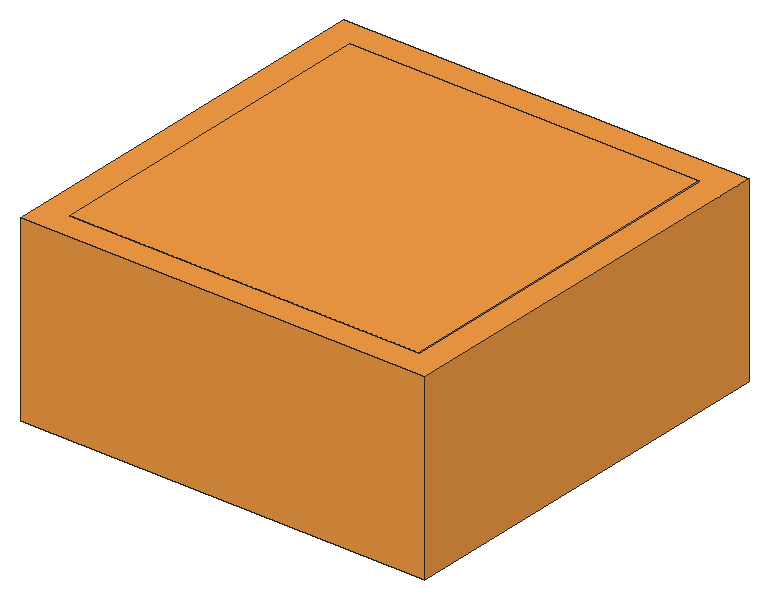
Revit family "Detector termovelocimetrico_Aguilera Electronica", category Dispositivos de alarma de incendios, Revit 2017
Family settings
  Anfitrión = Cara
  Mantener orientación de anotación = Sí
  Cota de conector redondo = Diámetro de uso
  Tipo de pieza = Normal
  Número OmniClass = 23.85.30.21.11.11.11
  Título OmniClass = Smoke Detectors
  Corte con vacíos al cargar = No
  Compartido = No
  Punto de cálculo de habitación = No
Parameters (values of type "Detector termovelocimétrico con suplemento para superficie")
  Zona de acción 80 m2 = yes
  Zona de acción 60 m2 = yes
  Símbolo = yes
  Suplemento para superficie = yes
  Símbolo texto modelo = yes
  Radio = Diámetro / 2  # 49.5 mm
  Altura 3 = 8 mm  # constant formula
  Altura 2 = 30 mm
  URL = "https://aguilera.es/?productos=detector-termovelocimetrico"
  Modelo = "AE/C5-TV + AE/C5-ZA"
  Fabricante = "Aguilera Electrónica"  # constant formula
  Elevación por defecto = 1200 mm
  Diámetro = 99 mm  # constant formula
  Descripción = "Detector de temperatura que controla los parámetros de temperatura en dos niveles: • Diferencial: Entra en estado de alarma cuando un incremento brusco de temperatura sobrepasa los parámetros que tiene programados en un determinado periodo de tiempo. • Térmica: Entra en estado de alarma cuando un incremento lento de temperatura, queno ha sido detectado por el sistema diferencial, alcanza una temperatura prefijada. Cada detector dispone de 2 indicadores luminosos (LED) que indican de manera visiblesu estado de funcionamiento en reposo y alarma. Además puede ser conectado unindicador remoto conectándolo a la base del detector. Una vez activado el detector, la alarma se queda enclavada, siendo necesario hacer un corte momentáneo de la alimentación para poder restaurarlo. Fabricado según norma EN 54-5:2000. Respuesta térmica Clase A2R. Los detectores térmicos están diseñados especialmente para aquellos lugares en los que el incendio se inicia con elevacionesbruscas de temperatura o donde no se recomiendan los detectores de humo por existir gases de combustión en el ambiente."  # constant formula
  Comentarios de tipo = "Detector térmico de calor (clase A2R). Certificados LPCB según norma EN 54-5.\r\n\r\nDetectores de bajo perfil con diseño atractivo.\r\n\r\nFabricados con tecnología SMD, disponen de doble indicador luminoso, salida de alarma remota y misma base intercambiable de fácil conexión.\r\n\r\nZócalo y protector de polvo incluidos.\r\n\r\n    Conexión a 2 hilos.\r\n    Alimentación entre 15 y 35 Vcc.\r\n    Consumo: 35 ?A (reposo), 80 mA (alarma).\r\n    Medidas: Ø 99 mm, altura con base incluida: 46 mm."  # constant formula
  Altura 1 = 38 mm  # constant formula
Types (5, lengths in mm): name | Suplemento para superficie | Altura 2 | Modelo
  (no name) | yes | 30 | "AE/C5-TV + AE/C5-ZA"
  Detector termovelocimétrico | no | 1 | "AE/C5-TV"
  Detector termovelocimétrico con suplemento para superficie | yes | 30 | "AE/C5-TV + AE/C5-ZA"
  Detector termovelocimétrico con zócalo bajo | no | 10 | "AE/C5-TV + AE/ZCB"
  Detector termovelocimétrico con zócalo alto | no | 22 | "AE/C5-TV + AE/ZCA"
Reference planes
  plane 1 "Centro (Frontal/Posterior)": y = 0
  plane 2: z = 0
  plane 3 "Centro (Izquierda/Derecha)": x = 0
  plane 4: z = 76
  plane 5: z = 68
  plane 6: z = 30
Forms (mm)
  Extrusion 1, solid
    sketch origin (0, 0, 0) x (1, 0, 0) y (0, 1, 0)
      loop
        line (-1219.2, 1219.2) -> (-1219.2, -1219.2) -> (1219.2, -1219.2) -> (1219.2, 1219.2) -> (-1219.2, 1219.2)
    from 0 to -304.8
  Extrusion 2, solid, material "Carcasa ABS", detail levels fine
    sketch origin (0, 0, 0) x (1, 0, 0) y (0, 1, 0)
      loop
        circle (0, 0) r 18.837
    from 74.409 to 76
  Extrusion 3, solid, material "Carcasa ABS", detail levels fine
    sketch origin (4.277, 0, 83.026) x (1, 0, 0) y (0, 0, -1)
      loop
        line (-19.852, 15.026) -> (-27.226, 15.026)
        arc (-27.226, 15.026) -> (-24.259, 12.003) -> (-21.715, 8.616) r 32.144
        line (-21.715, 8.616) -> (-19.852, 8.616) -> (-19.852, 15.026)
    from -2.054 to 1.982
  Revolve 4, solid, material "Carcasa ABS"
    sketch origin (0, 0, 0) x (0, 1, 0) y (0, 0, 1)
      loop
        line (-49.5, 30) -> (-49.5, 0) -> (0, 0) -> (0, 30) -> (-49.5, 30)
      axis (0, 30) -> (0, 0)
    angle from 0 to 360
  Extrusion 5, solid, material "Carcasa ABS", visible <- "Suplemento para superficie", detail levels medium+fine
    sketch origin (0, 0, 28.069) x (0, 1, 0) y (0, 0, 1)
      loop
        circle (0, -13.675) r 10
    from 46.956 to 49.451
  Extrusion 6, solid, material "Carcasa ABS", visible <- "Suplemento para superficie", detail levels medium+fine
    sketch origin (0, 0, 28.069) x (-1, 0, 0) y (0, 0, 1)
      loop
        circle (0, -13.675) r 10
    from 46.733 to 49.566
  Extrusion 7, solid, material "Carcasa ABS", visible <- "Suplemento para superficie", detail levels medium+fine
    sketch origin (0, 0, 28.069) x (0, 1, 0) y (0, 0, -1)
      loop
        circle (0, 13.675) r 10
    from 47.25 to 49.524
  Extrusion 8, solid, material "Carcasa ABS", detail levels fine
    sketch origin (-4.277, 0, 83.026) x (-1, 0, 0) y (0, 0, 1)
      loop
        line (-19.852, -15.026) -> (-19.852, -8.616) -> (-21.662, -8.616)
        arc (-21.662, -8.616) -> (-24.19, -12.001) -> (-27.141, -15.026) r 32.171
        line (-27.141, -15.026) -> (-19.852, -15.026)
    from -2.054 to 1.982
  Extrusion 9, solid, material "Carcasa ABS", detail levels fine
    sketch origin (2.17, -3.722, 83.026) x (0.5, -0.866025, 0) y (0, 0, -1)
      loop
        line (-21.153, 15.026) -> (-28.442, 15.026)
        arc (-28.442, 15.026) -> (-25.491, 12.001) -> (-22.962, 8.616) r 32.171
        line (-22.962, 8.616) -> (-21.153, 8.616) -> (-21.153, 15.026)
    from -2.054 to 1.982
  Extrusion 10, solid, material "Carcasa ABS", detail levels fine
    sketch origin (-2.107, 3.686, 83.026) x (-0.5, 0.866025, 0) y (0, 0, 1)
      loop
        line (-21.586, -15.026) -> (-21.586, -8.616) -> (-23.396, -8.616)
        arc (-23.396, -8.616) -> (-25.925, -12.001) -> (-28.876, -15.026) r 32.171
        line (-28.876, -15.026) -> (-21.586, -15.026)
    from -2.054 to 1.982
  Extrusion 11, solid, material "Carcasa ABS", detail levels fine
    sketch origin (-2.107, -3.758, 83.026) x (-0.5, -0.866025, 0) y (0, 0, -1)
      loop
        line (-21.586, 15.026) -> (-28.876, 15.026)
        arc (-28.876, 15.026) -> (-25.925, 12.001) -> (-23.396, 8.616) r 32.171
        line (-23.396, 8.616) -> (-21.586, 8.616) -> (-21.586, 15.026)
    from -2.054 to 1.982
  Extrusion 12, solid, material "Carcasa ABS", detail levels fine
    sketch origin (2.17, 3.65, 83.026) x (0.5, 0.866025, 0) y (0, 0, 1)
      loop
        line (-21.586, -15.026) -> (-21.586, -8.616) -> (-23.396, -8.616)
        arc (-23.396, -8.616) -> (-25.925, -12.001) -> (-28.876, -15.026) r 32.171
        line (-28.876, -15.026) -> (-21.586, -15.026)
    from -2.054 to 1.982
  Revolve 13, solid, material "Carcasa ABS", detail levels medium+fine
    sketch origin (0, 0, 0) x (1, 0, 0) y (0, 0, 1)
      loop
        arc (-44.248, 68) -> (-47.962, 66.462) -> (-49.5, 62.748) r 5.252
        line (-49.5, 62.748) -> (-49.5, 30) -> (-18.204, 30) -> (-18.204, 68) -> (-44.248, 68)
      axis (0, 30) -> (0, 68)
    angle from 0 to 360
  Extrusion 14, solid, material "Zona de acción", visible <- "Zona de acción 80 m2"
    sketch origin (-3703.865, 3705, 0) x (1, 0, 0) y (0, 1, 0)
      loop
        line (-746.135, -8155) -> (8153.865, -8155) -> (8153.865, 745) -> (-746.135, 745) -> (-746.135, -8155)
    from 0 to 4000
  Extrusion 15, solid, material "Zona de acción", visible <- "Zona de acción 60 m2"
    sketch origin (-4303.865, 3105, 0) x (1, 0, 0) y (0, 1, 0)
      loop
        line (453.865, -6955) -> (8153.865, -6955) -> (8153.865, 745) -> (453.865, 745) -> (453.865, -6955)
    from 0 to 4000
Dimensions and locks
  locked: Extrusion 2 to Extrusion 2 at 1.591
  "Altura 2": plane 6 to Extrusion 1
  "Altura 1": plane 5 to plane 6
  "Altura 3": plane 4 to plane 5
  "Radio": Revolve 4 sketch curve to Revolve 4 sketch curve
  "Radio": plane 3 "Centro (Izquierda/Derecha)" to Revolve 13 sketch curve
  aligned and locked: plane 2 to Extrusion 1
  aligned and locked: level to Extrusion 1
  aligned and locked: plane 4 to Extrusion 2
  aligned and locked: Extrusion 1 to Revolve 4 sketch curve
  aligned and locked: plane 1 "Centro (Frontal/Posterior)" to Revolve 4 sketch curve  (x2)
  aligned and locked: Extrusion 3 to plane 5
  aligned and locked: Revolve 4 sketch curve to plane 6
  aligned and locked: Revolve 13 sketch curve to plane 3 "Centro (Izquierda/Derecha)"
  aligned and locked: plane 6 to Revolve 13 sketch curve
  aligned and locked: Revolve 13 sketch curve to plane 5
  aligned and locked: Extrusion 3 to Extrusion 2
  aligned and locked: Extrusion 12 to Extrusion 2
  aligned and locked: Extrusion 10 to Extrusion 2
  aligned and locked: Extrusion 8 to Extrusion 2
  aligned and locked: Extrusion 9 to Extrusion 2
  aligned and locked: Extrusion 11 to Extrusion 2
  aligned and locked: Extrusion 12 to plane 5
  aligned and locked: Extrusion 9 to plane 5
  aligned and locked: Extrusion 10 to plane 5
  aligned and locked: Extrusion 11 to plane 5
  aligned and locked: Extrusion 8 to plane 5
Automatic sketch dimensions
  Extrusion 1 sketch curve to Extrusion 1 sketch curve = 2438.4 mm  (x2)
  plane 1 "Centro (Frontal/Posterior)" to Extrusion 2 sketch curve = 0 mm
  Extrusion 2 sketch curve to plane 3 "Centro (Izquierda/Derecha)" = 0 mm
  Extrusion 3 sketch curve to plane 5 = 0 mm
  Extrusion 3 sketch curve to plane 4 = 1.591 mm
  plane 4 to Extrusion 3 sketch curve = 15.98 mm
  Extrusion 3 sketch curve to plane 3 "Centro (Izquierda/Derecha)" = 44.355 mm
  Extrusion 3 sketch curve to plane 3 "Centro (Izquierda/Derecha)" = 22.949 mm
  Extrusion 3 sketch curve to Extrusion 3 sketch curve = 1.863 mm
  Extrusion 5 sketch curve to plane 1 "Centro (Frontal/Posterior)" = 0 mm
  level to Extrusion 5 sketch curve = 14.394 mm
  Extrusion 6 sketch curve to plane 3 "Centro (Izquierda/Derecha)" = 0 mm
  level to Extrusion 6 sketch curve = 14.394 mm
  Extrusion 7 sketch curve to plane 1 "Centro (Frontal/Posterior)" = 0 mm
  level to Extrusion 7 sketch curve = 14.394 mm
  Extrusion 8 sketch curve to plane 5 = 0 mm
  Extrusion 8 sketch curve to plane 4 = 1.591 mm
  plane 4 to Extrusion 8 sketch curve = 15.93 mm
  plane 3 "Centro (Izquierda/Derecha)" to Extrusion 8 sketch curve = 44.366 mm
  plane 3 "Centro (Izquierda/Derecha)" to Extrusion 8 sketch curve = 22.864 mm
  Extrusion 8 sketch curve to Extrusion 8 sketch curve = 1.81 mm
  Extrusion 9 sketch curve to plane 5 = 0 mm
  Extrusion 9 sketch curve to plane 4 = 1.591 mm
  plane 4 to Extrusion 9 sketch curve = 15.93 mm
  Extrusion 9 sketch curve to Extrusion 9 sketch curve = 21.501 mm
  Extrusion 9 sketch curve to Extrusion 9 sketch curve = 1.81 mm
  Extrusion 10 sketch curve to plane 5 = 0 mm
  Extrusion 10 sketch curve to plane 4 = 1.591 mm
  plane 4 to Extrusion 10 sketch curve = 15.93 mm
  Extrusion 10 sketch curve to Extrusion 10 sketch curve = 21.501 mm
  Extrusion 10 sketch curve to Extrusion 10 sketch curve = 1.81 mm
  Extrusion 11 sketch curve to plane 5 = 0 mm
  Extrusion 11 sketch curve to plane 4 = 1.591 mm
  plane 4 to Extrusion 11 sketch curve = 15.93 mm
  Extrusion 11 sketch curve to Extrusion 11 sketch curve = 21.501 mm
  Extrusion 11 sketch curve to Extrusion 11 sketch curve = 1.81 mm
  Extrusion 12 sketch curve to plane 5 = 0 mm
  Extrusion 12 sketch curve to plane 4 = 1.591 mm
  plane 4 to Extrusion 12 sketch curve = 15.93 mm
  Extrusion 12 sketch curve to Extrusion 12 sketch curve = 21.501 mm
  Extrusion 12 sketch curve to Extrusion 12 sketch curve = 1.81 mm
  Extrusion 14 sketch curve to plane 3 "Centro (Izquierda/Derecha)" = 4450 mm
  plane 3 "Centro (Izquierda/Derecha)" to Extrusion 14 sketch curve = 4450 mm
  plane 1 "Centro (Frontal/Posterior)" to Extrusion 14 sketch curve = 4450 mm
  Extrusion 14 sketch curve to plane 1 "Centro (Frontal/Posterior)" = 4450 mm
  Extrusion 15 sketch curve to plane 3 "Centro (Izquierda/Derecha)" = 3850 mm
  plane 3 "Centro (Izquierda/Derecha)" to Extrusion 15 sketch curve = 3850 mm
  plane 1 "Centro (Frontal/Posterior)" to Extrusion 15 sketch curve = 3850 mm
  Extrusion 15 sketch curve to plane 1 "Centro (Frontal/Posterior)" = 3850 mm
  Revolve 4 sketch curve to level = 4.781 mm
  Revolve 4 sketch curve to Revolve 4 sketch curve = 7.426 mm
  Revolve 13 sketch curve to plane 5 = 5.252 mm
  Revolve 13 sketch curve to plane 3 "Centro (Izquierda/Derecha)" = 18.204 mm
  plane 6 to Revolve 13 sketch curve = 2.38 mm
  Revolve 13 sketch curve to Revolve 13 sketch curve = 9 mm
  radius of Extrusion 2 sketch curve = 18.837 mm
  radius of Extrusion 5 sketch curve = 10 mm
  radius of Extrusion 6 sketch curve = 10 mm
  radius of Extrusion 7 sketch curve = 10 mm
Nested families
  nested 1: "S_Detector termovelocimétrico_Aguilera Electronica" at (0, 2.084, 0), visible <- "Símbolo", type "S_Detector termovelocimétrico_Aguilera Electronica", detail levels coarse
Connectors
  cabletrayconduit at (49.451, 0, 14.394), diameter 20
    settings: on Extrusion 5, index 2, connector width 300 mm, connector height 300 mm, connector angle 0.00°, system type 32, placement type 0, profile type 0, connector reference index -1, is primary connector yes, connector utility param no, connector description ""
  cabletrayconduit at (0, 49.566, 14.394), diameter 20
    settings: on Extrusion 6, index 3, connector width 300 mm, connector height 300 mm, connector angle 0.00°, system type 32, placement type 0, profile type 0, connector reference index -1, is primary connector no, connector utility param no, connector description ""
  cabletrayconduit at (-49.524, 0, 14.394), diameter 20
    settings: on Extrusion 7, index 4, connector width 300 mm, connector height 300 mm, connector angle 0.00°, system type 32, placement type 0, profile type 0, connector reference index -1, is primary connector no, connector utility param no, connector description ""
  electrical at (0, 0, 0), driven by "Modelo"
    settings: on Revolve 4, index 5, voltage 0 V, apparent load 0 VA, apparent load phase1 0 VA, apparent load phase2 0 VA, apparent load phase3 0 VA, power factor 1, load classification "Otro", number of poles 1, system type 11, power factor state 1, is connector primary yes, connector utility no, sub classification motor no, connector description "AE/C5-TV + AE/C5-ZA"
Definition of nested family "S_Detector termovelocimétrico_Aguilera Electronica"
  Parameters (values of type "S_Detector termovelocimétrico_Aguilera Electronica")
    Texto símbolo = "T"
    Texto modelo = yes
    Modelo = "AE/SA-T"
  Reference planes
    plane 1: y = 0
    plane 2: x = 0
  Lines and regions (mm)
    detail lines
      curve 1: line (-4.116, -2.084, 0) -> (4.116, -2.084, 0)
      curve 2: line (-4.116, 2.084, 0) -> (-4.116, -2.084, 0)
      curve 3: line (4.116, 2.084, 0) -> (-4.116, 2.084, 0)
      curve 4: line (4.116, -2.084, 0) -> (4.116, 2.084, 0)
      curve 5: circle (2.653, 0, 0) r 0.607 normal (0, 0, 1)
      curve 6: line (-3.183, 0, 0) -> (2.047, 0, 0)
  Text (mm)
    label "Texto símbolo" at (-2.438, -1.13, 0), shows "Texto símbolo"
    label "Modelo" at (0.158, -3.714, 0), shows "Modelo", visible <- "Texto modelo"
